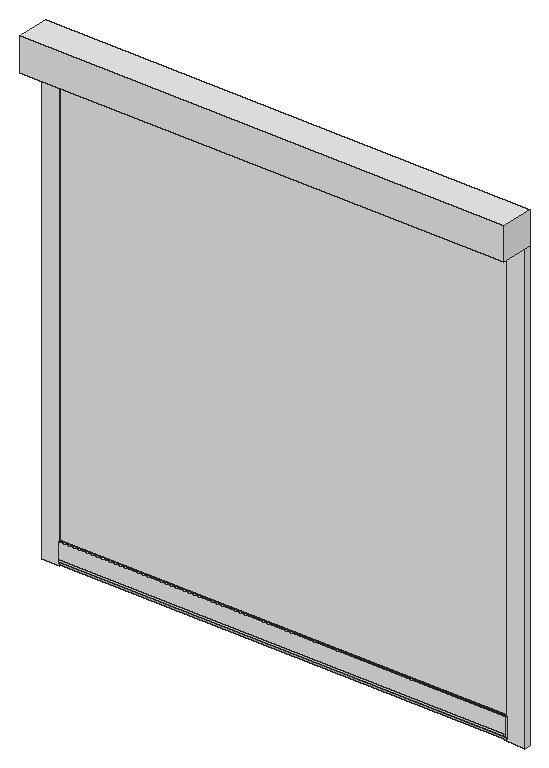
Revit family "e8eed37b-caac-41ba-9030-df46564a57da", category Doors, host Wall, Revit 2014
Parameters (values of type "Cylinder Bottom Bar")
  panelwidth [instance] = if(1 = 1, Clear Opening Width, 0' 0")  # 8' - 0"
  panelheight [instance] = Clear Opening Height + Jamb Above Opening  # 8' - 0"
  hoodextra = not(Frame Offset Extrusions)  # no
  Standards Conformance = "as Specified"
  Solid Slat Panel [instance] = yes
  Solid Slat Material [instance] = Metal - WayneDalton - 2.5" Slat White
  Percent Open Area [instance] = 0
  Opening Width [instance] = Clear Opening Width + (Jamb Width * 2)  # 8' - 7 3/4"
  Opening Height [instance] = Clear Opening Height + Hood Height  # 8' - 7"
  Open Area Slat Panel [instance] = no
  Open Area Slat Material [instance] = Metal - WayneDalton - 2.5" Slat White Fenestrated
  Offset from Exterior Wall [instance] = 0' - 0"
  Max Width = 20' - 0"
  Max Height = 14' - 0"
  Jamb Width = 0' - 3 7/8"
  Jamb Depth = 0' - 1 1/4"
  Jamb Above Opening = 0' - 0"  # constant formula
  Hood Material [instance] = Metal - WayneDalton - White
  Hood Height [instance] = if(not(Clear Opening Height > 8' 0"), 0' 7", if(not(Clear Opening Height > 10' 0"), 0' 8", if(not(Clear Opening Height > 12' 0"), 0' 9", 0' 10")))  # 0' - 7"
  Hood Depth [instance] = if(not(Clear Opening Height > 8' 0"), 0' 7", if(not(Clear Opening Height > 10' 0"), 0' 8", if(not(Clear Opening Height > 12' 0"), 0' 9", 0' 10")))  # 0' - 7"
  Hood Above Opening = 0' - 0"  # constant formula
  Height of Open Area Slat Panel [instance] = 0' - 1"
  Function = Interior
  Frame Offset Extrusions = yes
  Door Operation [instance] = "Manual Lift Up Standard"
  Door Open [instance] = no
  Door Closed [instance] = not(Door Open)  # yes
  Clear Opening Width [instance] = 8' - 0"
  Clear Opening Height [instance] = 8' - 0"
  Panel Material [instance] = Metal - WayneDalton - White
  Manufacturer Phone = ""
  Door Track Material [instance] = Metal - WayneDalton - White
  Warranty Duration (Years) = 0
  URL = "http://www.wayne-dalton.com/Pages/default.aspx"
  Thickness = 0' - 0"  # constant formula
  Specification = ""
  SpecWizard = ""
  Sales Information = "http://www.wayne-dalton.com/Pages/contact.aspx"
  Rough Width = 0' - 0"  # constant formula
  Rough Height = 0' - 0"  # constant formula
  Product Properties = ""
  Product Data = "http://www.arcat.com/arcatcos/cos36/arc36462.html"
  Manufacturer Website = "http://www.wayne-dalton.com/Pages/default.aspx"
  Manufacturer Phone - Toll Free = "800-827-3667"
  Manufacturer Fax = ""
  Manufacturer Address = "2501 S. State Highway 121  ,  Suite 200, Lewisville, TX 75067"
  Maintenance Schedule (Months) = 0
  Installation-Fabrication = ""
  Installation Phase = ""
  Green Building-LEED = ""
  Model = "Security 523 Between Jamb"
  Manufacturer = "Wayne Dalton"
  Keynote = "08 33 23"
  Height = 0' - 0"  # constant formula
  Wall Closure = By host
  Width = 0' - 0"  # constant formula
  Fire Rating = "as Specified"
  Expected Lifespan (Years) = 0
  Drawn By = "Sumex Design, Inc. / Robert S. Weygant, CSI, CDT, SCIP"  # constant formula
  Description = "Wayne Dalton Between Jamb Mounted Shutter Door - Security 523 as Specified"
  Copyright = "©Arcat Inc. R1_2016-07"  # constant formula
  Construction Details = ""
  Bottom Bar B = yes
  Bottom Bar A = no
  Beginning Height of Open Area Slat Panel [instance] = 0' - 0"
  Available Options [instance] = "as Specified"
  Assembly Code = "B2030400"
  Analytic Construction = "<None>"
Types (2): name | Bottom Bar B | Bottom Bar A
  Cylinder Bottom Bar | yes | no
  Compact Bottom Bar | no | yes
Reference planes (in)
  plane 1 "Center (Front/Back)": y = -33.7392
  plane 2 "Center (Left/Right)": x = 66
  plane 3: z = 0
  plane 4 "INT WALL": y = -36.7392
  plane 5: z = 0
  plane 6 "T.O. Opening": z = 96
  plane 7: x = 18
  plane 8: x = 114
  plane 9: y = -30.7392
  plane 10: z = 96
  plane 11: x = 117.875
  plane 12: x = 14.125
  plane 13: z = 96
  plane 14: y = -31.9892
  plane 15: y = -37.7392
  plane 16: z = 103
  plane 17: y = -31.3642
  plane 18: y = -31.3642
  plane 19 "EXT WALL": y = -30.7392
Forms (in)
  Extrusion 1, solid, material "Metal - WayneDalton - White" <- "Door Track Material"
    sketch origin (0, 0, 0) x (1, 0, 0) y (0, 1, 0)
      loop
        line (18, -30.7392) -> (14.125, -30.7392) -> (14.125, -31.9892) -> (18, -31.9892) -> (18, -30.7392)
      loop
        line (114, -30.7392) -> (114, -31.9892) -> (117.875, -31.9892) -> (117.875, -30.7392) -> (114, -30.7392)
    from 0 to 96
  Extrusion 2, solid, material "Metal - WayneDalton - White" <- "Hood Material"
    sketch origin (66, 0, 0) x (0, 1, 0) y (0, 0, 1)
      loop
        line (-30.7392, 96) -> (-30.7392, 103) -> (-37.7392, 103) -> (-37.7392, 96) -> (-30.7392, 96)
    from -51.875 to 51.875
Lines and regions (in)
  Opening 1
    outline origin (-79.33485, -36.7392, 0) x (1, 0, 0) y (0, 0, 1)
      loop
        line (93.45985, 103) -> (93.45985, 0) -> (197.20985, 0) -> (197.20985, 103) -> (93.45985, 103)
  model lines, style "DoorsHiddenLines"
    curve 1: line (14.125, -30.7392, 0) -> (14.125, -37.7392, 0)
    curve 2: line (14.125, -37.7392, 0) -> (117.875, -37.7392, 0)
    curve 3: line (117.875, -37.7392, 0) -> (117.875, -30.7392, 0)
Text (in)
  text "Exterior" at (50.54558, 27.31104, 0), in view "Plan"
  text "Interior" at (50.54558, -25.14366, 0), in view "Plan"
  text "Exterior" at (0, -17.98638, 123.01588), in view "Right"
  text "Interior" at (0, -64.39139, 123.01588), in view "Right"
  text "Interior" at (0, -52.09468, 121.14095), in view "Left"
  text "Exterior" at (0, 26.35325, 123.00693), in view "Left"
Dimensions and locks (in)
  "Clear Opening Height": level to plane 6 "T.O. Opening"
  equal spacing: plane 8, plane 2 "Center (Left/Right)", plane 7
  "Clear Opening Width": plane 8 to plane 7
  "Offset from Exterior Wall": plane 9 to plane 19 "EXT WALL"
  "Jamb Above Opening": plane 10 to plane 6 "T.O. Opening"
  "Jamb Depth": plane 9 to plane 14
  "Hood Depth": plane 9 to plane 15
  "Hood Height": plane 16 to plane 13
  equal spacing: plane 9, plane 17, plane 14
  locked: plane 13 to plane 10
  locked: Extrusion 1 sketch curve to plane 14 at 1.25  (x2)
  locked: plane 18 to plane 14 at 0.625
  "Jamb Width": plane 11 to plane 8
  "Jamb Width": plane 7 to plane 12
  aligned and locked: host wall to plane 1 "Center (Front/Back)"
  aligned and locked: host wall to plane 4 "INT WALL"
  aligned and locked: plane 10 to Extrusion 1
  aligned and locked: Extrusion 2 sketch curve to plane 9
  aligned and locked: plane 15 to Extrusion 2 sketch curve
  aligned and locked: plane 16 to Extrusion 2 sketch curve
  aligned and locked: plane 10 to Extrusion 2 sketch curve
  aligned and locked: plane 11 to Extrusion 2
  aligned and locked: Extrusion 2 to plane 12
  aligned and locked: nested 1 to plane 18
  aligned and locked: plane 2 "Center (Left/Right)" to nested 1
  aligned and locked: plane 2 "Center (Left/Right)" to nested 2
  aligned and locked: nested 2 to plane 18
  aligned and locked: plane 11 to curve 3
  aligned and locked: curve 1 to plane 12
  aligned and locked: curve 2 to plane 15
  aligned and locked: plane 9 to curve 1
  aligned and locked: curve 3 to plane 9
  aligned and locked: host wall to plane 19 "EXT WALL"
  aligned and locked: Opening 1 sketch curve to plane 12
  aligned and locked: Opening 1 sketch curve to plane 11
  aligned and locked: plane 16 to Opening 1 sketch curve
  aligned and locked: plane 7 to Extrusion 1
  aligned and locked: Extrusion 1 to plane 8
Automatic sketch dimensions
  Extrusion 1 sketch curve to plane 12 = 0' - 0"
  Extrusion 1 sketch curve to plane 14 = 0' - 0"
  Extrusion 1 sketch curve to plane 11 = 0' - 0"
  plane 14 to Extrusion 1 sketch curve = 0' - 0"
  Opening 1 sketch curve to level = 0' - 0"
  Extrusion 1 sketch curve to plane 7 = 0' - 0"
  plane 8 to Extrusion 1 sketch curve = 0' - 0"
Nested families (in)
  nested 1: "AlluraPanel" at (66, -31.3642, 0), Solid Slat Panel <- "Solid Slat Panel", Open Slat Panel <- "Open Area Slat Panel", Bottom Bar B <- "Bottom Bar B", Bottom Bar A <- "Bottom Bar A", solid slat <- "Solid Slat Material", open slat <- "Open Area Slat Material", bottom bar material <- "Panel Material", width <- "panelwidth", height <- "panelheight", Height of Open Slat Area <- "Height of Open Area Slat Panel", Beginning Height of Open Slats <- "Beginning Height of Open Area Slat Panel", visible <- "Door Closed", type "AlluraPanel"
    with width 8' - 0", solid slat Metal - WayneDalton - 2.5" Slat White, open slat Metal - WayneDalton - 2.5" Slat White Fenestrated, height 8' - 0", firstslat 0' - 5", bottom bar material Metal - WayneDalton - White, Solid Slat Panel yes, Open Slat Panel no, Height of Open Slat Area 0' - 1", Bottom Bar B yes, Bottom Bar A no, Beginning Height of Open Slats 0' - 0"
  nested 2: "AlluraPanel" at (66, -31.3642, 94), Bottom Bar B <- "Bottom Bar B", Bottom Bar A <- "Bottom Bar A", bottom bar material <- "Panel Material", width <- "panelwidth", visible <- "Door Open", type "AlluraPanel"
    with width 8' - 0", solid slat Metal - WayneDalton - 2.5" Slat White, open slat Metal - WayneDalton - 2.5" Slat White Fenestrated, height 8' - 2", firstslat 0' - 5", bottom bar material Metal - WayneDalton - White, Solid Slat Panel no, Open Slat Panel no, Height of Open Slat Area 0' - 1", Bottom Bar B yes, Bottom Bar A no, Beginning Height of Open Slats 0' - 0"
Definition of nested family "AlluraPanel"
  Parameters (values of type "AlluraPanel")
    width [instance] = 4' - 8"
    solid slat [instance] = Metal - WayneDalton - 2.5" Slat White
    open slat [instance] = Metal - WayneDalton - 2.5" Slat White Fenestrated
    height [instance] = 7' - 4.18525"
    firstslat [instance] = if(Bottom Bar A, 0' 1 3/4", 0' 5")  # 0' - 5"
    bottom bar material [instance] = Metal - WayneDalton - White
    Solid Slat Panel [instance] = yes
    Open Slat Panel [instance] = yes
    Height of Open Slat Area [instance] = 3' - 0.28346"
    Default Elevation = 4' - 0"
    Bottom Bar B [instance] = yes
    Bottom Bar A [instance] = no
    Beginning Height of Open Slats [instance] = 2' - 2.90179"
  Reference planes (in)
    plane 1 "Center (Front/Back)": y = 0
    plane 2: z = 0
    plane 3 "Center (Left/Right)": x = 0
    plane 4: x = -28
    plane 5: x = 28
    plane 6: z = 88.18525
    plane 7: z = 26.90179
    plane 8: z = 63.18525
  Forms (in)
    Extrusion 1, solid, material "Metal - WayneDalton - White" <- "bottom bar material", visible <- "Bottom Bar A"
      sketch origin (0, 0, 0) x (0, 1, 0) y (0, 0, 1)
        loop
          arc (-0.07525, 0.29319) -> (0, 0) -> (0.07525, 0.29319) r 0.15625
          line (0.07525, 0.29319) -> (0.07525, 0.32789) -> (0.375, 0.32789) -> (0.375, 1.8125) -> (-0.375, 1.8125) -> (-0.375, 0.32789) -> (-0.07525, 0.32789) -> (-0.07525, 0.29319)
      from -28 to 28
    Extrusion 2, solid, material "Metal - WayneDalton - White" <- "bottom bar material", visible <- "Bottom Bar B"
      sketch origin (0, 0, 0) x (0, 1, 0) y (0, 0, 1)
        loop
          arc (-0.75, 0.75) -> (0, 0) -> (0.75, 0.75) r 0.75
          line (0.75, 0.75) -> (0.75, 0.9375) -> (0.9375, 0.9375) -> (0.9375, 1.3125) -> (0.875, 1.3125) -> (0.875, 4.8125) -> (0.4375, 4.8125) -> (0.26245, 5.0625) -> (-0.26245, 5.0625) -> (-0.4375, 4.8125) -> (-0.875, 4.8125) -> (-0.875, 1.3125) -> (-0.9375, 1.3125) -> (-0.9375, 0.9375) -> (-0.75, 0.9375) -> (-0.75, 0.75)
      from -28 to 28
    Extrusion 3, solid, visible <- "Solid Slat Panel"
      sketch origin (0, 0, 0) x (1, 0, 0) y (0, 0, 1)
        loop
          line (-28, 88.18525) -> (-28, 5) -> (28, 5) -> (28, 88.18525) -> (-28, 88.18525)
      from -0.38073 to 0.48255
    Extrusion 4, void
      sketch origin (0, 0, 0) x (1, 0, 0) y (0, 0, 1)
        loop
          line (-28, 63.18525) -> (-28, 26.90179) -> (28, 26.90179) -> (28, 63.18525) -> (-28, 63.18525)
      from -4.40956 to 4.8465
    Extrusion 5, solid, visible <- "Open Slat Panel"
      sketch origin (0, 0, 0) x (1, 0, 0) y (0, 0, 1)
        loop
          line (-28, 88.18525) -> (-28, 5) -> (28, 5) -> (28, 88.18525) -> (-28, 88.18525)
      from -0.38073 to 0.48255
    Extrusion 6, void
      sketch origin (0, 0, 0) x (1, 0, 0) y (0, 0, 1)
        loop
          line (-28, 63.18525) -> (28, 63.18525) -> (28, 89.18525) -> (-28, 89.18525) -> (-28, 63.18525)
      from -2.26609 to 1.91111
    Extrusion 7, void
      sketch origin (0, 0, 0) x (1, 0, 0) y (0, 0, 1)
        loop
          line (-28, 26.90179) -> (-28, -1) -> (28, -1) -> (28, 26.90179) -> (-28, 26.90179)
      from -1.73335 to 2.1331
  Cuts and joins
    Extrusion 4 cuts Extrusion 3
    Extrusion 6, Extrusion 7 cuts Extrusion 5
  Dimensions and locks (in)
    equal spacing: plane 4, plane 3 "Center (Left/Right)", plane 5
    "width": plane 4 to plane 5
    "height": plane 6 to level
    "firstslat": Extrusion 3 sketch curve to level
    "Beginning Height of Open Slats": plane 7 to level
    "Height of Open Slat Area": plane 8 to plane 7
    "firstslat": Extrusion 5 sketch curve to level
    locked: Extrusion 6 sketch curve to plane 6 at 1
    locked: level to Extrusion 7 sketch curve at 1
    aligned and locked: plane 2 to level
    aligned and locked: plane 5 to Extrusion 2
    aligned and locked: Extrusion 2 to plane 4
    aligned and locked: plane 5 to Extrusion 1
    aligned and locked: Extrusion 1 to plane 4
    aligned and locked: Extrusion 3 sketch curve to plane 5
    aligned and locked: plane 4 to Extrusion 3 sketch curve
    aligned and locked: Extrusion 3 sketch curve to plane 6
    aligned and locked: Extrusion 4 sketch curve to plane 5
    aligned and locked: plane 4 to Extrusion 4 sketch curve
    aligned and locked: Extrusion 4 sketch curve to plane 8
    aligned and locked: plane 7 to Extrusion 4 sketch curve
    aligned and locked: plane 4 to Extrusion 5 sketch curve
    aligned and locked: Extrusion 5 sketch curve to plane 5
    aligned and locked: Extrusion 5 sketch curve to plane 6
    aligned and locked: plane 4 to Extrusion 6 sketch curve
    aligned and locked: Extrusion 6 sketch curve to plane 5
    aligned and locked: plane 8 to Extrusion 6 sketch curve
    aligned and locked: Extrusion 7 sketch curve to plane 7
    aligned and locked: plane 4 to Extrusion 7 sketch curve
    aligned and locked: Extrusion 7 sketch curve to plane 5
  Automatic sketch dimensions
    Extrusion 1 sketch curve to plane 1 "Center (Front/Back)" = 0' - 0"
    plane 1 "Center (Front/Back)" to Extrusion 1 sketch curve = 0' - 0 3/8"
    Extrusion 1 sketch curve to plane 1 "Center (Front/Back)" = 0' - 0 3/8"
    level to Extrusion 1 sketch curve = 0' - 0 5/32"
    level to Extrusion 1 sketch curve = 0' - 0.32789"
    Extrusion 1 sketch curve to Extrusion 1 sketch curve = 0' - 1.48461"
    Extrusion 1 sketch curve to plane 1 "Center (Front/Back)" = 0' - 0.07525"
    Extrusion 1 sketch curve to Extrusion 1 sketch curve = 0' - 0.0347"  (x3)
    Extrusion 2 sketch curve to plane 1 "Center (Front/Back)" = 0' - 0"
    plane 1 "Center (Front/Back)" to Extrusion 2 sketch curve = 0' - 0 3/4"
    Extrusion 2 sketch curve to Extrusion 2 sketch curve = 0' - 0 1/8"  (x2)
    Extrusion 2 sketch curve to Extrusion 2 sketch curve = 0' - 0 3/16"  (x3)
    Extrusion 2 sketch curve to Extrusion 2 sketch curve = 0' - 0 1/16"
    level to Extrusion 2 sketch curve = 0' - 0 3/4"
    Extrusion 2 sketch curve to Extrusion 2 sketch curve = 0' - 0 3/8"  (x2)
    Extrusion 2 sketch curve to Extrusion 2 sketch curve = 0' - 3 1/2"
    plane 1 "Center (Front/Back)" to Extrusion 2 sketch curve = 0' - 0.26245"
    Extrusion 2 sketch curve to Extrusion 2 sketch curve = 0' - 0.17505"  (x2)
    Extrusion 2 sketch curve to Extrusion 2 sketch curve = 0' - 0"  (x2)
    Extrusion 2 sketch curve to plane 1 "Center (Front/Back)" = 0' - 0.26245"
    Extrusion 2 sketch curve to Extrusion 2 sketch curve = 0' - 0 1/4"
